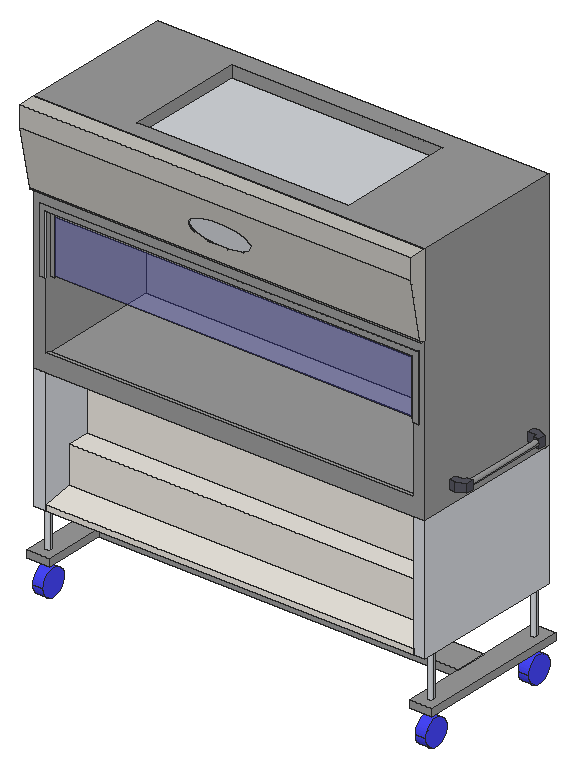
Revit family "NU-640 Class II Type A2 Animal Handling BSC", category Mechanical Equipment, Revit 2020
Family settings
  Round Connector Dimension = Use Diameter
  Part Type = Normal
  OmniClass Number = 23.75.00.00
  OmniClass Title = Climate Control (HVAC)
  Work Plane-Based = No
  Always vertical = Yes
  Cut with Voids When Loaded = No
  Shared = No
  Room Calculation Point = No
Parameters (values of type "NU-640-600")
  caster width = 6' - 1 1/8"
  Width = 6' - 2 43/64"
  Model = "NU-640-600 Class II Type A2 BSC"
  Manufacturer = "Nuaire Inc."
  Interior Width = 5' - 10 1/2"
  Exhaust Filter = 3' - 4 1/2"
  Description = "LabGard ES Energy Saver Class II, Type A2 Animal Handling Biosafety Cainet"
  Depth = 2' - 5 1/2"
  Default Elevation = 0' - 0"
  Cabinet Height = 3' - 10 9/16"
  Base Width = 6' - 5 53/128"
Types (4): name | caster width | Width | Model | Interior Width | Exhaust Filter | Base Width
  (no name) | 6' - 1 1/8" | 6' - 2 43/64" | "NU-640-600 Class II Type A2 BSC" | 5' - 10 1/2" | 3' - 4 1/2" | 6' - 5 53/128"
  NU-640-600 | 6' - 1 1/8" | 6' - 2 43/64" | "NU-640-600 Class II Type A2 BSC" | 5' - 10 1/2" | 3' - 4 1/2" | 6' - 5 53/128"
  NU-640-500 | 5' - 1 1/8" | 5' - 2 43/64" | "NU-640-500 Class II Type A2 BSC" | 4' - 10 1/2" | 2' - 10 1/2" | 5' - 5 53/128"
  NU-640-400 | 4' - 1 1/8" | 4' - 2 43/64" | "NU-640-400 Class II Type A2 BSC" | 3' - 10 1/2" | 2' - 4 1/2" | 4' - 5 53/128"
Reference planes (in)
  plane 1 "Center (Front/Back)": y = 0
  plane 2: z = 0
  plane 3 "Center (Left/Right)": x = 0
  plane 4: z = 39.67188
  plane 5: z = 86.23438
  plane 6: z = 16.04747
  plane 7: z = 6.692
  plane 8: x = -35.25
  plane 9: x = 35.25
  plane 10: z = 84.10938
  plane 11: y = -13.75
  plane 12: y = -14.825
  plane 13: y = -13.5
  plane 14: y = -13.825
  plane 15: z = 8.067
  plane 16: z = 86.35937
  plane 17: z = 94.79687
  plane 18: z = 2.5
  plane 19: x = -36.5625
  plane 20: x = 36.5625
  plane 21: x = -35.5625
  plane 22: x = -37.55078
  plane 23: x = 35.5625
  plane 24: x = 37.55078
  plane 25: y = 12.3125
  plane 26: y = -12.3125
  plane 27: y = 14.5625
  plane 28: x = 25.67578
  plane 29: x = 23.4375
  plane 30: z = 44.35938
  plane 31: z = 42.85938
  plane 32: y = 11.0625
  plane 33: y = -9.0625
  plane 34: y = 8.9375
  plane 35: y = -10.1875
Forms (in)
  Extrusion 1, solid
    sketch origin (0, 0, 0) x (1, 0, 0) y (0, 1, 0)
      loop
        line (-37.33594, 14.75) -> (-37.33594, -14.75) -> (37.33594, -14.75) -> (37.33594, 14.75) -> (-37.33594, 14.75)
    from 39.67187 to 86.23437
  Extrusion 2, solid
    sketch origin (0, 0, 0) x (1, 0, 0) y (0, 1, 0)
      loop
        line (-37.33594, 14.75) -> (-37.33594, -14.75) -> (-35.16394, -14.75) -> (-35.16394, 14.75) -> (-37.33594, 14.75)
      loop
        line (37.33594, 14.75) -> (35.16394, 14.75) -> (35.16394, -14.75) -> (37.33594, -14.75) -> (37.33594, 14.75)
    from 16.04747 to 39.67187
  Extrusion 3, solid
    sketch origin (0, 0, 0) x (0, 1, 0) y (0, 0, 1)
      loop
        line (-4.875, 39.67187) -> (-4.875, 25.04687) -> (-9.1875, 25.04687) -> (-9.1875, 18.0187) -> (-14.75, 17.04747) -> (-14.75, 16.04747) -> (14.75, 16.04747) -> (14.75, 39.67187) -> (-4.875, 39.67187)
    from -35.16394 to 35.16394
  Extrusion 4, solid
    sketch origin (0, 0, 0) x (1, 0, 0) y (0, 1, 0)
      loop
        line (-38.70703, 14.75) -> (-38.70703, -14.75) -> (-34.39453, -14.75) -> (-34.39453, 14.75) -> (-38.70703, 14.75)
      loop
        line (38.70703, 14.75) -> (34.39453, 14.75) -> (34.39453, -14.75) -> (38.70703, -14.75) -> (38.70703, 14.75)
    from 6.692 to 8.067
  Extrusion 5, solid
    sketch origin (0, 0, 0) x (1, 0, 0) y (0, 1, 0)
      loop
        line (-34.39453, 3) -> (-34.39453, -3) -> (34.39453, -3) -> (34.39453, 3) -> (-34.39453, 3)
    from 6.692 to 8.067
  Extrusion 6, void
    sketch origin (0, 0, 0) x (0, 1, 0) y (0, 0, 1)
      loop
        line (-14.75, 43.04687) -> (-14.0625, 43.04687) -> (-14.0625, 42.67187) -> (9.2655, 42.67187) -> (9.2655, 67.29687) -> (-14.75, 67.29687) -> (-14.75, 43.04687)
    from -35.16394 to 35.16394
  Extrusion 7, solid
    sketch origin (0, 0, 0) x (0, 1, 0) y (0, 0, 1)
      loop
        line (-14.75, 86.23437) -> (-18.125, 86.23437) -> (-18.125, 82.23437) -> (-15.918, 71.01329)
        arc (-15.918, 71.01329) -> (-15.74495, 70.72351) -> (-15.42721, 70.60963) r 0.50019
        line (-15.42721, 70.60963) -> (-14.75, 70.60963) -> (-14.75, 86.23437)
    from -37.33594 to 37.33594
  Extrusion 8, void
    sketch origin (0, -18.125, 82.23437) x (0, -0.192986, 0.981202) y (1, 0, 0)
      loop
        spline (-5.8, -5.96875) -> (-5.18867, -5.76537) -> (-4.619, -5.16909) -> (-4.12981, -4.22054) -> (-3.75445, -2.98438) -> (-3.51848, -1.54483) -> (-3.438, 0) -> (-3.51848, 1.54483) -> (-3.75445, 2.98437) -> (-4.12981, 4.22054) -> (-4.619, 5.16909) -> (-5.18867, 5.76537) -> (-5.8, 5.96875)
        spline (-5.8, 5.96875) -> (-6.41133, 5.76537) -> (-6.981, 5.16909) -> (-7.47019, 4.22054) -> (-7.84555, 2.98438) -> (-8.08152, 1.54483) -> (-8.162, 0) -> (-8.08152, -1.54483) -> (-7.84555, -2.98437) -> (-7.47019, -4.22054) -> (-6.981, -5.16909) -> (-6.41133, -5.76537) -> (-5.8, -5.96875)
    from 0 to 0.09877
  Extrusion 9, void
    sketch origin (0, 0, 86.23437) x (0, 1, 0) y (1, 0, 0)
      loop
        line (11, -20.25) -> (11, 20.25) -> (-11.5, 20.25) -> (-11.5, -20.25) -> (11, -20.25)
    from 0 to 2.125
  Extrusion 10, solid
    sketch origin (37.33594, -14.75, 0) x (-1, 0, 0) y (0, 0, -1)
      loop
        line (73.57132, -55.85863) -> (72.49987, -55.85863) -> (72.49987, -67.29687) -> (2.172, -67.29687) -> (2.172, -55.85863) -> (1.1095, -55.85863) -> (1.1095, -68.35937) -> (73.57132, -68.35937) -> (73.57132, -55.85863)
    from 0 to 0.075
  Extrusion 11, solid
    sketch origin (0, 0, 0) x (1, 0, 0) y (0, 0, 1)
      loop
        line (-35.16394, 67.29687) -> (-35.16394, 55.85863) -> (35.16394, 55.85863) -> (35.16394, 67.29687) -> (-35.16394, 67.29687)
    from 13.5 to 13.75
  Extrusion 12, solid
    sketch origin (0, -13.75, 0) x (1, 0, 0) y (0, 0, 1)
      loop
        line (-34.16394, 55.85863) -> (-34.16394, 66.29687) -> (34.16394, 66.29687) -> (34.16394, 55.85863) -> (35.16394, 55.85863) -> (35.16394, 67.29687) -> (-35.16394, 67.29687) -> (-35.16394, 55.85863) -> (-34.16394, 55.85863)
    from 0 to 0.075
  Extrusion 13, solid
    sketch origin (0, 0, 0) x (0, 1, 0) y (0, 0, 1)
      loop
        circle (-12.3125, 2.5) r 2.5
      loop
        circle (12.3125, 2.5) r 2.5
    from 37.55078 to 35.5625
  Extrusion 14, solid
    sketch origin (0, 0, 0) x (0, 1, 0) y (0, 0, 1)
      loop
        circle (12.3125, 2.5) r 2.5
      loop
        circle (-12.3125, 2.5) r 2.5
    from -37.55078 to -35.5625
  Extrusion 15, solid
    sketch origin (0, 0, 0) x (1, 0, 0) y (0, 1, 0)
      loop
        circle (-36.5625, 12.3125) r 0.5
      loop
        circle (36.5625, 12.3125) r 0.5
      loop
        circle (36.5625, -12.3125) r 0.5
      loop
        circle (-36.5625, -12.3125) r 0.5
    from 8.067 to 16.04747
  Extrusion 16, void
    sketch origin (-37.33594, 14.75, 0) x (-1, 0, 0) y (0, 0, -1)
      loop
        circle (-1, -37.67188) r 0.5
    from 0 to 0.1875
  Extrusion 17, solid
    sketch origin (0, 0, 0) x (1, 0, 0) y (0, 1, 0)
      loop
        line (37.33594, 11.0625) -> (37.33594, 9.61476) -> (39.12094, 9.61476) -> (39.12094, 8.9375) -> (40.21094, 8.9375) -> (40.21094, 10.26278) -> (38.49594, 11.0625) -> (37.33594, 11.0625)
      loop
        line (37.33594, -9.0625) -> (38.49594, -9.0625) -> (40.21094, -8.43829) -> (40.21094, -6.9375) -> (39.12094, -6.9375) -> (39.12094, -7.6525) -> (37.33594, -7.6525) -> (37.33594, -9.0625)
    from 42.67187 to 44.35937
  Extrusion 18, solid
    sketch origin (0, 0, 0) x (1, 0, 0) y (0, 1, 0)
      loop
        line (-37.33594, 11.0625) -> (-38.49594, 11.0625) -> (-40.21094, 10.26278) -> (-40.21094, 8.9375) -> (-39.12094, 8.9375) -> (-39.12094, 9.61476) -> (-37.33594, 9.61476) -> (-37.33594, 11.0625)
      loop
        line (-37.33594, -9.0625) -> (-37.33594, -7.6525) -> (-39.12094, -7.6525) -> (-39.12094, -6.9375) -> (-40.21094, -6.9375) -> (-40.21094, -8.26278) -> (-38.49594, -9.0625) -> (-37.33594, -9.0625)
    from 42.67187 to 44.35937
  Extrusion 19, solid
    sketch origin (40.21094, 8.9375, 0) x (-1, 0, 0) y (0, 0, -1)
      loop
        circle (0.545, -43.51562) r 0.5
      loop
        circle (79.87688, -43.51562) r 0.5
    from 0 to 15.875
Cuts and joins
  Extrusion 6, Extrusion 8, Extrusion 9 cuts Extrusion 1
  Extrusion 8 cuts Extrusion 7
  Extrusion 16 cuts Extrusion 2
Dimensions and locks (in)
  equal spacing: Extrusion 1 sketch curve, plane 3 "Center (Left/Right)", Extrusion 1 sketch curve
  "Width": Extrusion 1 sketch curve to Extrusion 1 sketch curve
  equal spacing: Extrusion 1 sketch curve, plane 1 "Center (Front/Back)", Extrusion 1 sketch curve
  "Depth": Extrusion 1 sketch curve to Extrusion 1 sketch curve
  locked: plane 4 to plane 2 at 39.67188
  "Cabinet Height": plane 5 to plane 4
  locked: Extrusion 1 to Extrusion 2 sketch curve at 2.172
  locked: Extrusion 2 sketch curve to Extrusion 1 at 2.172
  locked: Extrusion 3 sketch curve to plane 6 at 1
  locked: Extrusion 2 to Extrusion 3 sketch curve at 9.875
  locked: Extrusion 2 to Extrusion 3 sketch curve at 14.625
  Extrusion 3 sketch curve to Extrusion 3 sketch curve = 0' - 4 5/16"
  locked: Extrusion 3 sketch curve to Extrusion 3 sketch curve at 7.02818
  equal spacing: Extrusion 4 sketch curve, plane 3 "Center (Left/Right)", Extrusion 4 sketch curve
  "Base Width": Extrusion 4 sketch curve to Extrusion 4 sketch curve
  locked: Extrusion 4 sketch curve to Extrusion 4 sketch curve at 4.3125  (x2)
  locked: Extrusion 5 sketch curve to Extrusion 5 sketch curve at 6
  equal spacing: Extrusion 5 sketch curve, plane 1 "Center (Front/Back)", Extrusion 5 sketch curve
  equal spacing: plane 8, plane 3 "Center (Left/Right)", plane 9
  "Interior Width": plane 8 to plane 9
  locked: Extrusion 1 to Extrusion 6 sketch curve at 0.6875
  locked: Extrusion 6 sketch curve to Extrusion 6 sketch curve at 0.375
  locked: Extrusion 6 sketch curve to Extrusion 6 sketch curve at 23.328
  locked: Extrusion 6 sketch curve to Extrusion 6 sketch curve at 24.625
  locked: Extrusion 6 sketch curve to plane 4 at 3.375
  locked: Extrusion 7 sketch curve to Extrusion 7 sketch curve at 3.375
  locked: Extrusion 7 sketch curve to Extrusion 7 sketch curve at 4
  Extrusion 7 sketch curve to Extrusion 7 sketch curve to cut or joined group of Extrusion 1, Extrusion 6, Extrusion 8, Extrusion 9 = 0' - 0.67721", 0' - 0" locked
  locked: Extrusion 7 sketch curve to Extrusion 7 sketch curve at 15.62474
  equal spacing: Extrusion 7, Extrusion 8 sketch curve, Extrusion 7
  Extrusion 7 to Extrusion 8 sketch curve = 0' - 5.8"
  equal spacing: Extrusion 9 sketch curve, plane 3 "Center (Left/Right)", Extrusion 9 sketch curve
  "Exhaust Filter": Extrusion 9 sketch curve to Extrusion 9 sketch curve
  locked: Extrusion 9 sketch curve to cut or joined group of Extrusion 1, Extrusion 6, Extrusion 8, Extrusion 9 at 3.75
  locked: Extrusion 9 sketch curve to Extrusion 9 sketch curve at 22.5
  Extrusion 10 sketch curve to Extrusion 10 sketch curve = 1' - 0.50075"
  locked: cut or joined group of Extrusion 1, Extrusion 6, Extrusion 8, Extrusion 9 to Extrusion 10 sketch curve at 1.07144
  locked: Extrusion 10 sketch curve to cut or joined group of Extrusion 1, Extrusion 6, Extrusion 8, Extrusion 9 at 1.0625  (x2)
  locked: Extrusion 12 sketch curve to Extrusion 10 at 1  (x2)
  locked: Extrusion 10 to Extrusion 12 sketch curve at 1
  equal spacing: plane 20, plane 3 "Center (Left/Right)", plane 19
  equal spacing: plane 24, plane 3 "Center (Left/Right)", plane 22
  equal spacing: plane 23, plane 3 "Center (Left/Right)", plane 21
  "caster width": plane 20 to plane 19
  plane 19 to plane 21 to plane 3 "Center (Left/Right)" = 0' - 1" locked, 2' - 11 9/16"
  locked: plane 22 to plane 19 at 0.98828
  Extrusion 13 sketch curve to plane 1 "Center (Front/Back)" = 1' - 0 5/16"
  plane 1 "Center (Front/Back)" to Extrusion 13 sketch curve = 1' - 0 5/16"
  Extrusion 14 sketch curve to plane 1 "Center (Front/Back)" = 1' - 0 5/16"
  plane 1 "Center (Front/Back)" to Extrusion 14 sketch curve = 1' - 0 5/16"
  equal spacing: plane 25, plane 1 "Center (Front/Back)", plane 26
  Extrusion 16 sketch curve to plane 4 = 0' - 2"
  Extrusion 2 to Extrusion 16 sketch curve = 0' - 1"
  Extrusion 13 to plane 28 = 0' - 11 7/8"
  cut or joined group of Extrusion 1, Extrusion 6, Extrusion 8, Extrusion 9 to plane 32 to plane 33 = 0' - 3 11/16" locked, 1' - 8 1/8" locked
  locked: cut or joined group of Extrusion 1, Extrusion 6, Extrusion 8, Extrusion 9 to Extrusion 17 sketch curve at 1.16
  locked: cut or joined group of Extrusion 1, Extrusion 6, Extrusion 8, Extrusion 9 to Extrusion 17 sketch curve at 2.875
  locked: Extrusion 17 sketch curve to Extrusion 17 sketch curve at 1.09
  Extrusion 17 sketch curve to Extrusion 17 sketch curve = 0' - 2 1/8"
  locked: Extrusion 17 sketch curve to Extrusion 17 sketch curve at 1.41
  locked: plane 33 to Extrusion 17 sketch curve at 2.125
  locked: Extrusion 18 sketch curve to cut or joined group of Extrusion 1, Extrusion 6, Extrusion 8, Extrusion 9 at 2.875
  locked: Extrusion 18 sketch curve to Extrusion 18 sketch curve at 1.09
  equal spacing: Extrusion 17, Extrusion 19 sketch curve, Extrusion 17  (x2)
  equal spacing: Extrusion 18, Extrusion 19 sketch curve, Extrusion 18  (x2)
  aligned and locked: level to plane 2
  aligned and locked: plane 5 to Extrusion 1
  aligned and locked: Extrusion 1 to plane 4
  aligned and locked: Extrusion 2 sketch curve to Extrusion 1  (x5)
  aligned and locked: Extrusion 1 to Extrusion 2 sketch curve
  aligned and locked: Extrusion 2 to Extrusion 1
  aligned and locked: Extrusion 2 to plane 6
  aligned and locked: Extrusion 3 sketch curve to plane 4
  aligned and locked: Extrusion 3 sketch curve to Extrusion 2  (x2)
  aligned and locked: plane 6 to Extrusion 3 sketch curve
  aligned and locked: Extrusion 3 to Extrusion 2  (x2)
  aligned and locked: Extrusion 4 sketch curve to Extrusion 4 sketch curve  (x2)
  aligned and locked: Extrusion 4 sketch curve to Extrusion 1
  aligned and locked: Extrusion 1 to Extrusion 4 sketch curve
  aligned and locked: Extrusion 4 to plane 7
  aligned and locked: Extrusion 4 to Extrusion 5 sketch curve  (x2)
  aligned and locked: Extrusion 4 to Extrusion 5  (x2)
  aligned and locked: Extrusion 1 to Extrusion 6 sketch curve
  aligned and locked: Extrusion 6 to Extrusion 2  (x2)
  aligned and locked: Extrusion 7 sketch curve to cut or joined group of Extrusion 1, Extrusion 6, Extrusion 8, Extrusion 9
  aligned and locked: plane 5 to Extrusion 7 sketch curve
  aligned and locked: Extrusion 2 to Extrusion 7
  aligned and locked: Extrusion 7 to Extrusion 2
  aligned and locked: Extrusion 1 to Extrusion 9
  aligned and locked: Extrusion 9 to plane 10
  aligned and locked: Extrusion 10 sketch curve to Extrusion 10 sketch curve
  aligned and locked: cut or joined group of Extrusion 1, Extrusion 6, Extrusion 8, Extrusion 9 to Extrusion 10 sketch curve
  aligned and locked: Extrusion 10 sketch curve to cut or joined group of Extrusion 1, Extrusion 6, Extrusion 8, Extrusion 9  (x2)
  aligned and locked: Extrusion 10 to cut or joined group of Extrusion 1, Extrusion 6, Extrusion 8, Extrusion 9
  aligned and locked: Extrusion 10 to plane 12
  aligned and locked: Extrusion 11 sketch curve to cut or joined group of Extrusion 1, Extrusion 6, Extrusion 8, Extrusion 9  (x2)
  aligned and locked: Extrusion 11 sketch curve to Extrusion 10  (x2)
  aligned and locked: Extrusion 11 to plane 11
  aligned and locked: plane 13 to Extrusion 11
  aligned and locked: Extrusion 12 sketch curve to Extrusion 10  (x3)
  aligned and locked: plane 11 to Extrusion 12
  aligned and locked: Extrusion 12 to plane 14
  aligned and locked: Extrusion 4 to plane 15
  aligned and locked: Extrusion 14 to plane 22
  aligned and locked: Extrusion 14 to plane 21
  aligned and locked: Extrusion 13 to plane 23
  aligned and locked: Extrusion 13 to plane 24
  aligned and locked: Extrusion 15 to Extrusion 4
  aligned and locked: Extrusion 15 to Extrusion 2
  aligned and locked: plane 27 to Extrusion 16
  aligned and locked: cut or joined group of Extrusion 1, Extrusion 6, Extrusion 8, Extrusion 9 to Extrusion 17 sketch curve
  aligned and locked: Extrusion 17 sketch curve to plane 34
  aligned and locked: Extrusion 17 sketch curve to cut or joined group of Extrusion 1, Extrusion 6, Extrusion 8, Extrusion 9
  aligned and locked: Extrusion 17 sketch curve to Extrusion 17 sketch curve  (x2)
  aligned and locked: Extrusion 17 to plane 30
  aligned and locked: cut or joined group of Extrusion 1, Extrusion 6, Extrusion 8, Extrusion 9 to Extrusion 17
  aligned and locked: Extrusion 18 sketch curve to cut or joined group of Extrusion 1, Extrusion 6, Extrusion 8, Extrusion 9
  aligned and locked: Extrusion 18 sketch curve to plane 32
  aligned and locked: Extrusion 18 sketch curve to Extrusion 17  (x3)
  aligned and locked: plane 34 to Extrusion 18 sketch curve
  aligned and locked: Extrusion 18 sketch curve to plane 33
  aligned and locked: plane 30 to Extrusion 18
  aligned and locked: Extrusion 18 to cut or joined group of Extrusion 1, Extrusion 6, Extrusion 8, Extrusion 9
  aligned and locked: Extrusion 19 to plane 34
  aligned and locked: Extrusion 19 to Extrusion 17
Automatic sketch dimensions
  Extrusion 7 sketch curve to Extrusion 7 sketch curve = 0' - 0.49079"
  Extrusion 8 sketch curve to Extrusion 8 sketch curve = 0' - 5 31/32"
  Extrusion 12 sketch curve to Extrusion 11 = 0' - 0"  (x2)
  Extrusion 13 sketch curve to plane 18 = 0' - 0"  (x2)
  Extrusion 14 sketch curve to plane 18 = 0' - 0"  (x2)
  Extrusion 15 sketch curve to plane 19 = 0' - 0"  (x2)
  Extrusion 15 sketch curve to plane 20 = 0' - 0"  (x2)
  Extrusion 15 sketch curve to plane 26 = 0' - 0"  (x2)
  Extrusion 15 sketch curve to plane 25 = 0' - 0"  (x2)
  plane 33 to Extrusion 17 sketch curve = 0' - 0"
  Extrusion 17 sketch curve to Extrusion 17 sketch curve = 0' - 0 5/8"
  Extrusion 17 sketch curve to plane 33 = 0' - 0.62421"
  Extrusion 17 sketch curve to plane 34 = 0' - 0.67726"
  plane 32 to Extrusion 17 sketch curve = 0' - 0.79972"
  Extrusion 18 sketch curve to plane 22 = 0' - 2 169/256"
  Extrusion 18 sketch curve to Extrusion 18 sketch curve = 0' - 1.09"
  Extrusion 18 sketch curve to plane 22 = 0' - 0.94516"  (x2)
  plane 22 to Extrusion 18 sketch curve = 0' - 0 55/256"  (x2)
  Extrusion 18 sketch curve to plane 33 = 0' - 0.79972"
  plane 32 to Extrusion 18 sketch curve = 0' - 0.79972"
  radius of Extrusion 13 sketch curve = 0' - 2 1/2"  (x2)
  radius of Extrusion 14 sketch curve = 0' - 2 1/2"  (x2)
  radius of Extrusion 15 sketch curve = 0' - 0 1/2"  (x4)
  radius of Extrusion 16 sketch curve = 0' - 0 1/2"
  radius of Extrusion 19 sketch curve = 0' - 0 1/2"  (x2)
Connectors (in)
  electrical at (-36.33594, 14.5625, 37.67188)
    settings: on cut or joined group of Extrusion 2, Extrusion 16, index 2, voltage 120 V, apparent load 0 VA, apparent load phase1 0 VA, apparent load phase2 0 VA, apparent load phase3 0 VA, power factor 1, load classification "Other", number of poles 1, system type 31, power factor state 1, is connector primary yes, connector utility no, sub classification motor no, connector description ""
